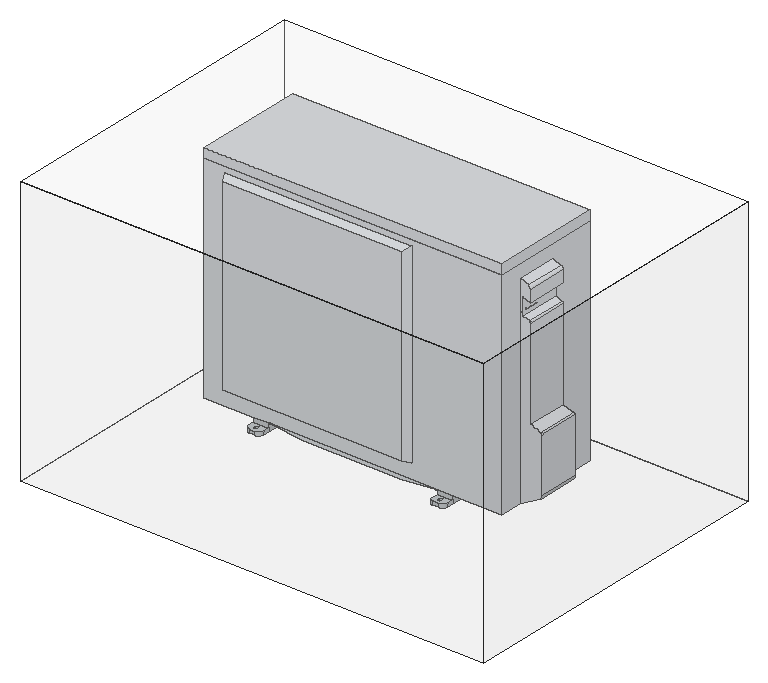
Revit family "puz-zrmp28_63ska16_60hz", category 機械設備, Revit 2023 (continued)
Definition of nested family "PUZ-EZRMP-1"
  Lines and regions (mm)
    model lines, visible <- "タイプ1", detail levels fine
      curve 338: arc (-404.5, -10, 74) -> (-404.5, -11.464, 77.536) -> (-404.5, -15, 79) r 5
      curve 339: arc (-404.5, -15, 59) -> (-404.5, -11.464, 60.464) -> (-404.5, -10, 64) r 5
      curve 340: arc (-404.5, -95, 79) -> (-404.5, -98.536, 77.536) -> (-404.5, -100, 74) r 5
      curve 341: arc (-404.5, -100, 64) -> (-404.5, -98.536, 60.464) -> (-404.5, -95, 59) r 5
    model lines, visible <- "タイプ3", not visible
      curve 342: line (-404.5, -100, 907) -> (-404.5, -60, 907)
      curve 343: line (-404.5, -100, 1097) -> (-404.5, -100, 907)
      curve 344: line (-404.5, -60, 1097) -> (-404.5, -100, 1097)
      curve 345: line (-404.5, -60, 907) -> (-404.5, -60, 1097)
      curve 346: line (-404.5, 60, 907) -> (-404.5, 100, 907)
      curve 347: line (-404.5, 60, 1097) -> (-404.5, 60, 907)
      curve 348: line (-404.5, 100, 1097) -> (-404.5, 60, 1097)
      curve 349: line (-404.5, 100, 907) -> (-404.5, 100, 1097)
      curve 350: line (-404.5, -46.667, 907) -> (-404.5, -6.667, 907)
      curve 351: line (-404.5, -46.667, 1097) -> (-404.5, -46.667, 907)
      curve 352: line (-404.5, -6.667, 1097) -> (-404.5, -46.667, 1097)
      curve 353: line (-404.5, -6.667, 907) -> (-404.5, -6.667, 1097)
      curve 354: line (-404.5, 6.667, 907) -> (-404.5, 46.667, 907)
      curve 355: line (-404.5, 6.667, 1097) -> (-404.5, 6.667, 907)
      curve 356: line (-404.5, 46.667, 1097) -> (-404.5, 6.667, 1097)
      curve 357: line (-404.5, 46.667, 907) -> (-404.5, 46.667, 1097)
      curve 358: line (-404.5, -100, 1112) -> (-404.5, -60, 1112)
      curve 359: line (-404.5, -100, 1302) -> (-404.5, -100, 1112)
      curve 360: line (-404.5, -60, 1302) -> (-404.5, -100, 1302)
      curve 361: line (-404.5, -60, 1112) -> (-404.5, -60, 1302)
      curve 362: line (-404.5, 60, 1112) -> (-404.5, 100, 1112)
      curve 363: line (-404.5, 60, 1302) -> (-404.5, 60, 1112)
      curve 364: line (-404.5, 100, 1302) -> (-404.5, 60, 1302)
      curve 365: line (-404.5, 100, 1112) -> (-404.5, 100, 1302)
      curve 366: line (-404.5, -46.667, 1112) -> (-404.5, -6.667, 1112)
      curve 367: line (-404.5, -46.667, 1302) -> (-404.5, -46.667, 1112)
      curve 368: line (-404.5, -6.667, 1302) -> (-404.5, -46.667, 1302)
      curve 369: line (-404.5, -6.667, 1112) -> (-404.5, -6.667, 1302)
      curve 370: line (-404.5, 6.667, 1112) -> (-404.5, 46.667, 1112)
      curve 371: line (-404.5, 6.667, 1302) -> (-404.5, 6.667, 1112)
      curve 372: line (-404.5, 46.667, 1302) -> (-404.5, 6.667, 1302)
      curve 373: line (-404.5, 46.667, 1112) -> (-404.5, 46.667, 1302)
    model lines, visible <- "タイプ2", not visible
      curve 374: line (-600, -100, 33.5) -> (-600, -60, 33.5)
      curve 375: line (-600, -100, 73.5) -> (-600, -100, 33.5)
      curve 376: line (-600, -60, 73.5) -> (-600, -100, 73.5)
      curve 377: line (-600, -60, 33.5) -> (-600, -60, 73.5)
      curve 378: line (-600, 60, 33.5) -> (-600, 100, 33.5)
      curve 379: line (-600, 60, 73.5) -> (-600, 60, 33.5)
      curve 380: line (-600, 100, 73.5) -> (-600, 60, 73.5)
      curve 381: line (-600, 100, 33.5) -> (-600, 100, 73.5)
      curve 382: line (-509, -46.667, 33.5) -> (-509, -6.667, 33.5)
      curve 383: line (-509, -46.667, 73.5) -> (-509, -46.667, 33.5)
      curve 384: line (-509, -6.667, 73.5) -> (-509, -46.667, 73.5)
      curve 385: line (-509, -6.667, 33.5) -> (-509, -6.667, 73.5)
      curve 386: line (-509, 6.667, 33.5) -> (-509, 46.667, 33.5)
      curve 387: line (-509, 6.667, 73.5) -> (-509, 6.667, 33.5)
      curve 388: line (-509, 46.667, 73.5) -> (-509, 6.667, 73.5)
      curve 389: line (-509, 46.667, 33.5) -> (-509, 46.667, 73.5)
      curve 483: line (-404.5, -100, 33.5) -> (-404.5, -60, 33.5)
      curve 484: line (-404.5, -100, 73.5) -> (-404.5, -100, 33.5)
      curve 485: line (-404.5, -60, 73.5) -> (-404.5, -100, 73.5)
      curve 486: line (-404.5, -60, 33.5) -> (-404.5, -60, 73.5)
      curve 487: line (-404.5, 60, 33.5) -> (-404.5, 100, 33.5)
      curve 488: line (-404.5, 60, 73.5) -> (-404.5, 60, 33.5)
      curve 489: line (-404.5, 100, 73.5) -> (-404.5, 60, 73.5)
      curve 490: line (-404.5, 100, 33.5) -> (-404.5, 100, 73.5)
      curve 491: line (-404.5, -46.667, 33.5) -> (-404.5, -6.667, 33.5)
      curve 492: line (-404.5, -46.667, 73.5) -> (-404.5, -46.667, 33.5)
      curve 493: line (-404.5, -6.667, 73.5) -> (-404.5, -46.667, 73.5)
      curve 494: line (-404.5, -6.667, 33.5) -> (-404.5, -6.667, 73.5)
      curve 495: line (-404.5, 6.667, 33.5) -> (-404.5, 46.667, 33.5)
      curve 496: line (-404.5, 6.667, 73.5) -> (-404.5, 6.667, 33.5)
      curve 497: line (-404.5, 46.667, 73.5) -> (-404.5, 6.667, 73.5)
      curve 498: line (-404.5, 46.667, 33.5) -> (-404.5, 46.667, 73.5)
    model lines, not visible
      curve 390: line (-404.5, -100, 87) -> (-404.5, -60, 87)
      curve 391: line (-404.5, -100, 277) -> (-404.5, -100, 87)
      curve 392: line (-404.5, -60, 277) -> (-404.5, -100, 277)
      curve 393: line (-404.5, -60, 87) -> (-404.5, -60, 277)
      curve 394: line (-404.5, -100, 292) -> (-404.5, -60, 292)
      curve 395: line (-404.5, -100, 482) -> (-404.5, -100, 292)
      curve 396: line (-404.5, -60, 482) -> (-404.5, -100, 482)
      curve 397: line (-404.5, -60, 292) -> (-404.5, -60, 482)
      curve 398: line (-404.5, -100, 497) -> (-404.5, -60, 497)
      curve 399: line (-404.5, -100, 687) -> (-404.5, -100, 497)
      curve 400: line (-404.5, -60, 687) -> (-404.5, -100, 687)
      curve 401: line (-404.5, -60, 497) -> (-404.5, -60, 687)
      curve 402: line (-404.5, -100, 702) -> (-404.5, -60, 702)
      curve 403: line (-404.5, -100, 892) -> (-404.5, -100, 702)
      curve 404: line (-404.5, -60, 892) -> (-404.5, -100, 892)
      curve 405: line (-404.5, -60, 702) -> (-404.5, -60, 892)
      curve 406: line (-404.5, 60, 87) -> (-404.5, 100, 87)
      curve 407: line (-404.5, 60, 277) -> (-404.5, 60, 87)
      curve 408: line (-404.5, 100, 277) -> (-404.5, 60, 277)
      curve 409: line (-404.5, 100, 87) -> (-404.5, 100, 277)
      curve 410: line (-404.5, -46.667, 87) -> (-404.5, -6.667, 87)
      curve 411: line (-404.5, -46.667, 277) -> (-404.5, -46.667, 87)
      curve 412: line (-404.5, -6.667, 277) -> (-404.5, -46.667, 277)
      curve 413: line (-404.5, -6.667, 87) -> (-404.5, -6.667, 277)
      curve 414: line (-404.5, 6.667, 87) -> (-404.5, 46.667, 87)
      curve 415: line (-404.5, 6.667, 277) -> (-404.5, 6.667, 87)
      curve 416: line (-404.5, 46.667, 277) -> (-404.5, 6.667, 277)
      curve 417: line (-404.5, 46.667, 87) -> (-404.5, 46.667, 277)
      curve 418: line (-404.5, 60, 292) -> (-404.5, 100, 292)
      curve 419: line (-404.5, 60, 482) -> (-404.5, 60, 292)
      curve 420: line (-404.5, 100, 482) -> (-404.5, 60, 482)
      curve 421: line (-404.5, 100, 292) -> (-404.5, 100, 482)
      curve 422: line (-404.5, 60, 702) -> (-404.5, 100, 702)
      curve 423: line (-404.5, 60, 892) -> (-404.5, 60, 702)
      curve 424: line (-404.5, 100, 892) -> (-404.5, 60, 892)
      curve 425: line (-404.5, 100, 702) -> (-404.5, 100, 892)
      curve 426: line (-404.5, -46.667, 292) -> (-404.5, -6.667, 292)
      curve 427: line (-404.5, -46.667, 482) -> (-404.5, -46.667, 292)
      curve 428: line (-404.5, -6.667, 482) -> (-404.5, -46.667, 482)
      curve 429: line (-404.5, -6.667, 292) -> (-404.5, -6.667, 482)
      curve 430: line (-404.5, -46.667, 497) -> (-404.5, -6.667, 497)
      curve 431: line (-404.5, -46.667, 687) -> (-404.5, -46.667, 497)
      curve 432: line (-404.5, -6.667, 687) -> (-404.5, -46.667, 687)
      curve 433: line (-404.5, -6.667, 497) -> (-404.5, -6.667, 687)
      curve 434: line (-404.5, -46.667, 702) -> (-404.5, -6.667, 702)
      curve 435: line (-404.5, -46.667, 892) -> (-404.5, -46.667, 702)
      curve 436: line (-404.5, -6.667, 892) -> (-404.5, -46.667, 892)
      curve 437: line (-404.5, -6.667, 702) -> (-404.5, -6.667, 892)
      curve 438: line (-404.5, 6.667, 292) -> (-404.5, 46.667, 292)
      curve 439: line (-404.5, 6.667, 482) -> (-404.5, 6.667, 292)
      curve 440: line (-404.5, 46.667, 482) -> (-404.5, 6.667, 482)
      curve 441: line (-404.5, 46.667, 292) -> (-404.5, 46.667, 482)
      curve 442: line (-404.5, 6.667, 497) -> (-404.5, 46.667, 497)
      curve 443: line (-404.5, 6.667, 687) -> (-404.5, 6.667, 497)
      curve 444: line (-404.5, 46.667, 687) -> (-404.5, 6.667, 687)
      curve 445: line (-404.5, 46.667, 497) -> (-404.5, 46.667, 687)
      curve 446: line (-404.5, 6.667, 702) -> (-404.5, 46.667, 702)
      curve 447: line (-404.5, 6.667, 892) -> (-404.5, 6.667, 702)
      curve 448: line (-404.5, 46.667, 892) -> (-404.5, 6.667, 892)
      curve 449: line (-404.5, 46.667, 702) -> (-404.5, 46.667, 892)
      curve 450: line (-338.5, -173.2, 372.5) -> (149.5, -173.2, 372.5)
      curve 451: line (149.5, -173.2, 277.5) -> (-338.5, -173.2, 277.5)
      curve 452: line (-338.5, -173.2, 467.5) -> (149.5, -173.2, 467.5)
      curve 453: line (-338.5, -173.2, 562.5) -> (149.5, -173.2, 562.5)
      curve 454: line (149.5, -173.2, 182.5) -> (-338.5, -173.2, 182.5)
      curve 455: line (149.5, -173.2, 87.5) -> (-338.5, -173.2, 87.5)
      curve 456: line (-321.071, -173.2, 579) -> (-321.071, -173.2, 71)
      curve 457: line (132.071, -173.2, 71) -> (132.071, -173.2, 579)
      curve 458: line (-303.643, -173.2, 579) -> (-303.643, -173.2, 71)
      curve 459: line (-286.214, -173.2, 579) -> (-286.214, -173.2, 71)
      curve 460: line (-268.786, -173.2, 579) -> (-268.786, -173.2, 71)
      curve 461: line (-251.357, -173.2, 579) -> (-251.357, -173.2, 71)
      curve 462: line (-233.929, -173.2, 579) -> (-233.929, -173.2, 71)
      curve 463: line (-216.5, -173.2, 579) -> (-216.5, -173.2, 71)
      curve 464: line (-199.071, -173.2, 579) -> (-199.071, -173.2, 71)
      curve 465: line (-181.643, -173.2, 579) -> (-181.643, -173.2, 71)
      curve 466: line (-164.214, -173.2, 579) -> (-164.214, -173.2, 71)
      curve 467: line (-146.786, -173.2, 579) -> (-146.786, -173.2, 71)
      curve 468: line (-129.357, -173.2, 579) -> (-129.357, -173.2, 71)
      curve 469: line (-111.929, -173.2, 579) -> (-111.929, -173.2, 71)
      curve 470: line (-94.5, -173.2, 579) -> (-94.5, -173.2, 71)
      curve 471: line (-77.071, -173.2, 579) -> (-77.071, -173.2, 71)
      curve 472: line (-59.643, -173.2, 579) -> (-59.643, -173.2, 71)
      curve 473: line (-42.214, -173.2, 579) -> (-42.214, -173.2, 71)
      curve 474: line (-24.786, -173.2, 579) -> (-24.786, -173.2, 71)
      curve 475: line (-7.357, -173.2, 579) -> (-7.357, -173.2, 71)
      curve 476: line (10.071, -173.2, 579) -> (10.071, -173.2, 71)
      curve 477: line (27.5, -173.2, 579) -> (27.5, -173.2, 71)
      curve 478: line (44.929, -173.2, 579) -> (44.929, -173.2, 71)
      curve 479: line (62.357, -173.2, 579) -> (62.357, -173.2, 71)
      curve 480: line (79.786, -173.2, 579) -> (79.786, -173.2, 71)
      curve 481: line (97.214, -173.2, 579) -> (97.214, -173.2, 71)
      curve 482: line (114.643, -173.2, 579) -> (114.643, -173.2, 71)
    symbolic lines, visible <- "タイプ1"
      curve 499: line (-278.151, 150, 630) -> (-404.5, 150, 630)
      curve 500: line (-404.5, 150, 630) -> (-404.5, -5.599, 630)
      curve 501: line (-404.5, 40, 630) -> (-424.5, 30, 630)
      curve 502: line (-424.5, 30, 630) -> (-424.5, -30, 630)
      curve 503: line (-424.5, -30, 630) -> (-404.5, -40, 630)
      curve 504: line (-404.5, -5.599, 630) -> (-404.5, -150, 630)
      curve 505: line (-404.5, -150, 630) -> (-301.612, -150, 630)
      curve 506: arc (-272.806, -170, 630) -> (-268.124, -177.204, 630) -> (-260, -180, 630) r 13.2
      curve 507: line (-260, -180, 630) -> (-243.332, -180, 630)
      curve 508: arc (-243.332, -180, 630) -> (-235.208, -177.204, 630) -> (-230.526, -170, 630) r 13.2
      curve 509: line (-301.612, -150, 630) -> (280.999, -150, 630)
      curve 510: line (230, -150, 630) -> (230, -170, 630)
      curve 511: arc (230, -170, 630) -> (232.929, -177.071, 630) -> (240, -180, 630) r 10
      curve 512: line (240, -180, 630) -> (256.8, -180, 630)
      curve 513: arc (256.8, -180, 630) -> (266.134, -176.134, 630) -> (270, -166.8, 630) r 13.2
      curve 514: line (270, -166.8, 630) -> (270, -150, 630)
      curve 515: line (280.999, -150, 630) -> (404.5, -150, 630)
      curve 516: line (404.5, -150, 630) -> (404.5, -77.105, 630)
      curve 517: line (404.5, -90, 630) -> (466.5, -90, 630)
      curve 518: line (466.5, -90, 630) -> (466.5, 20, 630)
      curve 519: line (466.5, 20, 630) -> (404.5, 20, 630)
      curve 520: line (404.5, -77.105, 630) -> (404.5, 150, 630)
      curve 521: line (404.5, 150, 630) -> (308.975, 150, 630)
      curve 522: line (270, 150, 630) -> (270, 180, 630)
      curve 523: line (270, 180, 630) -> (230, 180, 630)
      curve 524: line (230, 180, 630) -> (230, 150, 630)
      curve 525: line (308.975, 150, 630) -> (-278.151, 150, 630)
      curve 526: line (-230, 150, 630) -> (-230, 180, 630)
      curve 527: line (-230, 180, 630) -> (-270, 180, 630)
      curve 528: line (-270, 180, 630) -> (-270, 150, 630)
      curve 529: line (-324.5, 100, 630) -> (324.5, 100, 630)
      curve 530: line (-324.5, 40, 630) -> (-324.5, 100, 630)
      curve 531: line (324.5, 40, 630) -> (-324.5, 40, 630)
      curve 532: line (324.5, 100, 630) -> (324.5, 40, 630)
      curve 533: line (324.5, 30, 630) -> (-324.5, 30, 630)
      curve 534: line (324.5, -30, 630) -> (324.5, 30, 630)
      curve 535: line (-324.5, -30, 630) -> (324.5, -30, 630)
      curve 536: line (-324.5, 30, 630) -> (-324.5, -30, 630)
      curve 537: line (-324.5, -40, 630) -> (324.5, -40, 630)
      curve 538: line (-324.5, -100, 630) -> (-324.5, -40, 630)
      curve 539: line (324.5, -100, 630) -> (-324.5, -100, 630)
      curve 540: line (324.5, -40, 630) -> (324.5, -100, 630)
      curve 541: line (339.5, 100, 630) -> (354.5, 100, 630)
      curve 542: line (339.5, -100, 630) -> (339.5, 100, 630)
      curve 543: line (354.5, -100, 630) -> (339.5, -100, 630)
      curve 544: line (354.5, 100, 630) -> (354.5, -100, 630)
      curve 545: line (-354.5, 100, 630) -> (-339.5, 100, 630)
      curve 546: line (-354.5, -100, 630) -> (-354.5, 100, 630)
      curve 547: line (-339.5, -100, 630) -> (-354.5, -100, 630)
      curve 548: line (-339.5, 100, 630) -> (-339.5, -100, 630)
      curve 549: line (-338.5, -170, 630) -> (149.5, -170, 630)
      curve 550: line (149.5, -170, 630) -> (159.5, -150, 630)
      curve 551: line (-348.5, -150, 630) -> (-338.5, -170, 630)
  Dimensions and locks
    equal spacing: plane 8, plane 1 "中心(正面/背面)", plane 7
    "奥行き": plane 8 to plane 7
    equal spacing: plane 5, plane 3 "中心(左/右)", plane 6
    "幅さ": plane 5 to plane 6
    "高さ": plane 4 to level
    locked: plane 6 to plane 9 at 62
    locked: plane 8 to plane 10 at 60
    locked: plane 8 to plane 11 at 170
    locked: plane 4 to plane 12 at 25
    locked: plane 13 to plane 5 at 20
    "吊りボルト-D": plane 17 to plane 16
    equal spacing: plane 17, plane 1 "中心(正面/背面)", plane 16
    equal spacing: plane 14, plane 3 "中心(左/右)", plane 15
    "吊りボルト-W": plane 14 to plane 15
    plane 21 to plane 14 to plane 20 = 20 mm locked, 20 mm locked
    plane 19 to plane 15 to plane 18 = 20 mm locked, 20 mm locked
    locked: plane 16 to plane 22 at 15
    locked: plane 23 to plane 17 at 15
    locked: plane 24 to level at 8.5
    locked: plane 25 to level at 20
    locked: plane 26 to plane 24 at 3
    locked: plane 4 to plane 29 at 5
    plane 7 to plane 1 "中心(正面/背面)" to plane 8 = 150 mm, 150 mm
    plane 31 to plane 1 "中心(正面/背面)" to plane 30 = 40 mm locked, 40 mm locked
    plane 33 to plane 1 "中心(正面/背面)" to plane 32 = 30 mm locked, 30 mm locked
    locked: plane 34 to plane 12 at 5
    locked: plane 35 to level at 55
    locked: plane 36 to level at 225
    equal spacing: plane 6, plane 39, plane 9
    locked: plane 6 to plane 38 at 10
    locked: plane 20 to plane 27 at 95
    locked: plane 28 to plane 19 at 95
    "換気-D": plane 40 to plane 8
    "換気-W": plane 41 to plane 5
    "換気-H1": plane 42 to level
    plane 43 to plane 41 to plane 44 = 254 mm locked, 254 mm locked
    plane 45 to plane 42 to plane 46 = 264 mm locked, 264 mm locked
    locked: plane 43 to plane 48 at 10
    locked: plane 47 to plane 44 at 10
    locked: plane 45 to plane 49 at 10
    locked: plane 50 to plane 46 at 10
    locked: curve 26 to plane 50 at 16.5
    locked: plane 49 to curve 24 at 16.5
    equal spacing: curve 24, curve 23, curve 21, curve 22, curve 25, curve 26
    equal spacing: plane 48, curve 28, curve 53, curve 52, curve 51, curve 50, curve 49, curve 48, curve 47, curve 46, curve 45, curve 44, curve 43, curve 42, curve 41, curve 40, curve 39, curve 38, curve 37, curve 36, curve 35, curve 34, curve 33, curve 32, curve 31, curve 30, curve 29, curve 27, plane 47
    locked: curve 4 to curve 6 at 10
    locked: curve 3 to curve 5 at 10
    locked: plane 51 to plane 7 at 50
    locked: plane 8 to plane 52 at 50
    equal spacing: group 1, group 2, group 3, group 4, group 5, group 6, group 7, group 8, group 9, group 10, group 11, group 12, group 13, group 14, group 15, group 16, group 17, group 18  (x2)
    equal spacing: group 18, group 17, group 16, group 15, group 14, group 13, group 12, group 11, group 10, group 9, group 8, group 7, group 6, group 5, group 4, group 3, group 2, group 1
    "ドレン管径-X": plane 5 to plane 53
    "ドレン管径-Y": plane 8 to plane 54
    "配線取出口-Y": plane 57 to plane 7
    "冷媒液管径-Y": plane 58 to plane 7
    "冷媒ガス管径-Y": plane 59 to plane 7
    "配線取出口-X": plane 3 "中心(左/右)" to plane 56
    "冷媒ガス管径-X": plane 3 "中心(左/右)" to plane 55
    "冷媒液管径-X": plane 3 "中心(左/右)" to plane 60
    "冷媒液管径-Z": plane 62 to level
    "冷媒ガス管径-Z": plane 61 to level
    "配線取出口-Z": plane 63 to level
    locked: plane 57 to plane 64 at 50
    locked: plane 65 to plane 61 at 37.8
    locked: plane 66 to plane 62 at 16.1
    equal spacing: plane 55, plane 67, plane 60
    equal spacing: plane 58, plane 68, plane 59
    "a": plane 69 "グループ" to plane 3 "中心(左/右)"
    plane 71 to level = 943 mm
    plane 70 to level = 1338 mm
    locked: plane 37 to level at 570
    curve 21 to plane 42 to curve 22 = 47.5 mm locked, 47.5 mm locked
    "換気-H2": plane 72 to plane 42
    plane 73 to plane 72 to plane 74 = 264 mm locked, 264 mm locked
    locked: plane 76 to plane 74 at 10
    locked: plane 73 to plane 75 at 10
    plane 48 to plane 47 = 488 mm
    plane 68 to plane 7 = 185.5 mm
    plane 61 to level = 99.5 mm
    plane 65 to plane 61 = 37.8 mm
    plane 62 to level = 164.5 mm
    plane 66 to plane 62 = 16.1 mm
    plane 68 to plane 77 to plane 78 = 23 mm locked, 17.5 mm locked
    plane 68 to plane 77 = 23 mm
    plane 77 to plane 78 = 17.5 mm
    equal spacing: plane 77, plane 79, plane 78
    "ドレン配管サイズ": diameter of Extrusion 3 sketch curve
    "配線取出口サイズ": diameter of Extrusion 9 sketch curve
    "吊りボルト-φ": diameter of Extrusion 10 sketch curve  (x4)
    "冷媒配管サイズ": diameter of Sweep 11 sketch curve
    "ガス配管サイズ": diameter of Sweep 12 sketch curve
    aligned and locked: level to plane 2
    aligned and locked: Extrusion 1 to level
    aligned and locked: plane 25 to Extrusion 1
    aligned and locked: Extrusion 2 sketch curve to plane 25
    aligned and locked: Extrusion 2 sketch curve to plane 26
    aligned and locked: Extrusion 2 to plane 7
    aligned and locked: plane 8 to Extrusion 2
    aligned and locked: Extrusion 3 to plane 26
    aligned and locked: Extrusion 3 to plane 24
    aligned and locked: Extrusion 4 sketch curve to plane 7
    aligned and locked: Extrusion 4 sketch curve to plane 8
    aligned and locked: Extrusion 4 sketch curve to plane 5
    aligned and locked: Extrusion 4 sketch curve to plane 6
    aligned and locked: Extrusion 4 to plane 25
    aligned and locked: plane 12 to Extrusion 4
    aligned and locked: Extrusion 5 sketch curve to Extrusion 4  (x4)
    aligned and locked: Extrusion 5 to plane 12
    aligned and locked: plane 4 to Extrusion 5
    aligned and locked: plane 29 to Blend 6 sketch curve
    aligned and locked: Blend 6 sketch curve to plane 31
    aligned and locked: Blend 6 sketch curve to plane 12  (x2)
    aligned and locked: plane 30 to Blend 6 sketch curve
    aligned and locked: plane 34 to Blend 6 sketch curve
    aligned and locked: Blend 6 sketch curve to plane 33
    aligned and locked: plane 32 to Blend 6 sketch curve
    aligned and locked: Blend 6 to plane 13
    aligned and locked: plane 5 to Blend 6
    aligned and locked: Extrusion 7 sketch curve to plane 6
    aligned and locked: Extrusion 7 sketch curve to plane 9
    aligned and locked: Extrusion 7 sketch curve to plane 39
    aligned and locked: Extrusion 7 sketch curve to Extrusion 7 sketch curve
    aligned and locked: Extrusion 7 sketch curve to plane 38
    aligned and locked: Extrusion 7 to plane 11
    aligned and locked: plane 10 to Extrusion 7
    aligned and locked: Blend 8 sketch curve to plane 45
    aligned and locked: Blend 8 sketch curve to plane 46
    aligned and locked: Blend 8 sketch curve to plane 44
    aligned and locked: Blend 8 sketch curve to plane 43
    aligned and locked: Blend 8 sketch curve to plane 49
    aligned and locked: Blend 8 sketch curve to plane 47
    aligned and locked: Blend 8 sketch curve to plane 48
    aligned and locked: Blend 8 sketch curve to plane 50
    aligned and locked: Blend 8 to plane 8
    aligned and locked: plane 40 to Blend 8
    aligned and locked: curve 17 to plane 51
    aligned and locked: curve 1 to plane 51
    aligned and locked: plane 51 to curve 19
    aligned and locked: curve 18 to plane 52
    aligned and locked: plane 52 to curve 2
    aligned and locked: plane 52 to curve 20
    aligned and locked: plane 53 to Extrusion 3 sketch curve
    aligned and locked: plane 54 to Extrusion 3 sketch curve
    aligned and locked: plane 63 to Extrusion 9 sketch curve
    aligned and locked: plane 56 to Extrusion 9 sketch curve
    aligned and locked: plane 57 to Extrusion 9
    aligned and locked: Extrusion 9 to plane 64
    aligned and locked: plane 22 to Extrusion 10 sketch curve  (x4)
    aligned and locked: plane 21 to Extrusion 10 sketch curve
    aligned and locked: Extrusion 2 to Extrusion 10 sketch curve  (x2)
    aligned and locked: Extrusion 10 sketch curve to Extrusion 1  (x6)
    aligned and locked: plane 19 to Extrusion 10 sketch curve
    aligned and locked: Extrusion 10 sketch curve to plane 23  (x2)
    aligned and locked: Extrusion 10 sketch curve to plane 18
    aligned and locked: Extrusion 10 sketch curve to plane 20
    aligned and locked: plane 16 to Extrusion 10 sketch curve  (x2)
    aligned and locked: plane 14 to Extrusion 10 sketch curve  (x2)
    aligned and locked: plane 17 to Extrusion 10 sketch curve  (x2)
    aligned and locked: plane 15 to Extrusion 10 sketch curve  (x2)
    aligned and locked: level to Extrusion 10
    aligned and locked: plane 24 to Extrusion 10
    aligned and locked: Masking region 1 sketch curve to Extrusion 5  (x4)
    aligned and locked: Masking region 1 sketch curve to Blend 6  (x3)
    aligned and locked: Masking region 1 sketch curve to Extrusion 7  (x2)
    aligned and locked: Masking region 1 sketch curve to plane 9
    aligned and locked: Masking region 1 sketch curve to Extrusion 10  (x8)
    aligned and locked: Masking region 1 to curve 499
    aligned and locked: curve 500 to Masking region 1
    aligned and locked: curve 501 to Masking region 1
    aligned and locked: curve 502 to Masking region 1
    aligned and locked: curve 503 to Masking region 1
    aligned and locked: curve 504 to Masking region 1
    aligned and locked: curve 505 to Masking region 1
    aligned and locked: curve 506 to Masking region 1
    aligned and locked: curve 508 to Masking region 1
    aligned and locked: curve 510 to Masking region 1
    aligned and locked: curve 511 to Masking region 1
    aligned and locked: curve 513 to Masking region 1
    aligned and locked: Masking region 1 to curve 515
    aligned and locked: curve 516 to Masking region 1
    aligned and locked: curve 517 to Masking region 1
    aligned and locked: curve 518 to Masking region 1
    aligned and locked: curve 519 to Masking region 1
    aligned and locked: curve 520 to Masking region 1
    aligned and locked: curve 521 to Masking region 1
    aligned and locked: curve 522 to Masking region 1
    aligned and locked: curve 523 to Masking region 1
    aligned and locked: curve 524 to Masking region 1
    aligned and locked: curve 525 to Masking region 1
    aligned and locked: curve 526 to Masking region 1
    aligned and locked: curve 527 to Masking region 1
    aligned and locked: curve 528 to Masking region 1
    aligned and locked: curve 532 to curve 12
    aligned and locked: Masking region 1 sketch curve to curve 21
    aligned and locked: Masking region 1 sketch curve to Blend 8  (x2)
    aligned and locked: curve 549 to Blend 8
    aligned and locked: curve 550 to Blend 8
    aligned and locked: curve 551 to Blend 8
    aligned and locked: plane 78 to Sweep 12 sketch curve
    aligned and locked: plane 58 to Sweep 12 sketch curve
    aligned and locked: plane 77 to Sweep 11 sketch curve
    aligned and locked: plane 58 to Sweep 11 sketch curve
    aligned and locked: plane 61 to Sweep 12 sketch curve
  Automatic sketch dimensions
    Extrusion 2 sketch curve to plane 20 = 0 mm
    Extrusion 2 sketch curve to plane 27 = 0 mm
    Extrusion 2 sketch curve to plane 28 = 0 mm
    Extrusion 2 sketch curve to plane 19 = 0 mm
    Extrusion 7 sketch curve to plane 39 = 0 mm
    Extrusion 7 sketch curve to plane 25 = 0 mm
    Extrusion 7 sketch curve to plane 36 = 0 mm
    Extrusion 7 sketch curve to plane 37 = 0 mm
    Extrusion 7 sketch curve to Extrusion 7 sketch curve = 10 mm
    Extrusion 7 sketch curve to plane 39 = 6.58 mm
    Extrusion 7 sketch curve to Extrusion 7 sketch curve = 5 mm  (x2)
    plane 39 to Extrusion 7 sketch curve = 21 mm
    Extrusion 7 sketch curve to plane 39 = 3.29 mm
    Extrusion 7 sketch curve to plane 9 = 3.29 mm
    Extrusion 7 sketch curve to plane 35 = 2.87 mm
    Extrusion 7 sketch curve to Extrusion 7 sketch curve = 81.633 mm
    Extrusion 7 sketch curve to Extrusion 7 sketch curve = 30.244 mm
    Extrusion 7 sketch curve to Extrusion 7 sketch curve = 7.643 mm
    plane 7 to Extrusion 1 sketch curve = 0 mm  (x2)
    Extrusion 1 sketch curve to plane 18 = 0 mm
    plane 8 to Extrusion 1 sketch curve = 0 mm  (x2)
    Extrusion 1 sketch curve to plane 19 = 0 mm
    Extrusion 1 sketch curve to plane 20 = 0 mm
    Extrusion 1 sketch curve to plane 21 = 0 mm
    curve 383 to curve 384 = 40 mm
    curve 382 to curve 386 = 13.333 mm
    curve 386 to curve 386 = 40 mm
    curve 382 to curve 389 = 0 mm
    curve 382 to curve 384 = 40 mm
    curve 384 to curve 387 = 0 mm
    curve 375 to curve 376 = 40 mm
    curve 374 to curve 378 = 120 mm
    curve 378 to curve 378 = 40 mm
    curve 374 to curve 381 = 0 mm
    curve 374 to curve 376 = 40 mm
    curve 378 to curve 379 = 40 mm
    curve 25 to plane 47 = 0 mm
    curve 24 to plane 47 = 0 mm
    curve 22 to plane 47 = 0 mm
    curve 23 to plane 47 = 0 mm
    curve 26 to plane 47 = 0 mm
    curve 21 to plane 47 = 0 mm
    curve 24 to plane 48 = 0 mm
    curve 25 to plane 48 = 0 mm
    curve 26 to plane 48 = 0 mm
    curve 23 to plane 48 = 0 mm
    curve 22 to plane 48 = 0 mm
    curve 21 to plane 48 = 0 mm
    curve 37 to plane 50 = 0 mm
    curve 52 to plane 50 = 0 mm
    curve 51 to plane 50 = 0 mm
    curve 50 to plane 50 = 0 mm
    curve 49 to plane 50 = 0 mm
    curve 48 to plane 50 = 0 mm
    curve 47 to plane 50 = 0 mm
    curve 46 to plane 50 = 0 mm
    curve 45 to plane 50 = 0 mm
    curve 44 to plane 50 = 0 mm
    curve 43 to plane 50 = 0 mm
    curve 42 to plane 50 = 0 mm
    curve 41 to plane 50 = 0 mm
    curve 27 to plane 50 = 0 mm
    curve 28 to plane 50 = 0 mm
    curve 40 to plane 50 = 0 mm
    curve 39 to plane 50 = 0 mm
    curve 29 to plane 50 = 0 mm
    curve 38 to plane 50 = 0 mm
    curve 30 to plane 50 = 0 mm
    curve 53 to plane 50 = 0 mm
    curve 31 to plane 50 = 0 mm
    curve 36 to plane 50 = 0 mm
    curve 32 to plane 50 = 0 mm
    curve 35 to plane 50 = 0 mm
    curve 33 to plane 50 = 0 mm
    curve 34 to plane 50 = 0 mm
    curve 28 to plane 49 = 0 mm
    curve 41 to plane 49 = 0 mm
    curve 27 to plane 49 = 0 mm
    curve 42 to plane 49 = 0 mm
    curve 31 to plane 49 = 0 mm
    curve 40 to plane 49 = 0 mm
    curve 37 to plane 49 = 0 mm
    curve 39 to plane 49 = 0 mm
    curve 32 to plane 49 = 0 mm
    curve 45 to plane 49 = 0 mm
    curve 36 to plane 49 = 0 mm
    curve 46 to plane 49 = 0 mm
    curve 43 to plane 49 = 0 mm
    curve 47 to plane 49 = 0 mm
    curve 29 to plane 49 = 0 mm
    curve 48 to plane 49 = 0 mm
    curve 30 to plane 49 = 0 mm
    curve 49 to plane 49 = 0 mm
    curve 44 to plane 49 = 0 mm
    curve 50 to plane 49 = 0 mm
    curve 33 to plane 49 = 0 mm
    curve 51 to plane 49 = 0 mm
    curve 35 to plane 49 = 0 mm
    curve 52 to plane 49 = 0 mm
    curve 38 to plane 49 = 0 mm
    curve 53 to plane 49 = 0 mm
    curve 34 to plane 49 = 0 mm
    Masking region 1 sketch curve to plane 5 = 0 mm
    Masking region 1 sketch curve to plane 6 = 0 mm
    plane 7 to Masking region 1 sketch curve = 0 mm  (x2)
    Masking region 1 sketch curve to plane 15 = 10 mm
    Masking region 1 sketch curve to plane 19 = 0 mm
    plane 8 to Masking region 1 sketch curve = 0 mm  (x2)
    plane 32 to curve 535 = 0 mm
    plane 33 to curve 534 = 0 mm
    curve 541 to plane 56 = 45.5 mm
    curve 13 to curve 20 = 15 mm
    plane 18 to curve 535 = 54.5 mm
    curve 532 to curve 6 = 0 mm
    curve 537 to curve 5 = 0 mm
    plane 47 to curve 536 = 14 mm
    plane 47 to curve 538 = 14 mm
    plane 47 to curve 1 = 14 mm
    curve 16 to plane 47 = 1 mm
    curve 15 to plane 44 = 6 mm
    plane 1 "中心(正面/背面)" to curve 504 = 5.599 mm
    curve 528 to curve 499 = 8.151 mm
    curve 521 to curve 522 = 38.975 mm
    curve 516 to plane 10 = 12.895 mm
    curve 515 to curve 514 = 10.999 mm
    plane 40 to Masking region 1 sketch curve = 0 mm
    Masking region 1 sketch curve to plane 40 = 3.2 mm  (x2)
    Masking region 1 sketch curve to plane 14 = 10 mm
    Masking region 1 sketch curve to plane 20 = 0.526 mm
    curve 509 to plane 21 = 31.612 mm
    Sweep 12 sketch curve to plane 65 = 0 mm
    Sweep 11 sketch curve to plane 62 = 0 mm
    Sweep 11 sketch curve to plane 66 = 0 mm
    plane 40 to Extrusion 10 sketch curve = 0 mm
    plane 17 to Extrusion 10 sketch curve = 0 mm  (x2)
    Extrusion 10 sketch curve to Extrusion 10 sketch curve = 1.8 mm  (x3)
    plane 17 to Extrusion 10 sketch curve = 1.8 mm  (x2)
    Extrusion 10 sketch curve to Extrusion 10 sketch curve = 0 mm
    Sweep 11 sketch curve to plane 67 = 0 mm
    Sweep 11 sketch curve to profile plane = 0 mm
    Sweep 12 sketch curve to plane 67 = 0 mm
    Sweep 12 sketch curve to profile plane = 0 mm
Definition of nested family "固定点"
  Parameters (values of type "固定点")
    Default Elevation = 0 mm
    中心円 = if(W > 599 mm, 12 mm, 10 mm)  # 12 mm
    W = 1000 mm
    D = 1000 mm
  Reference planes
    plane 1 "中心(正面/背面)": y = 0
    plane 2: z = 0
    plane 3 "中心(左/右)": x = 0
    plane 4: x = 1000
    plane 5: y = 1000
  Lines and regions (mm)
    symbolic lines, detail levels fine
      curve 1: circle (0, 1000, 0) r 6 normal (0, 0, 1)
      curve 2: circle (0, 0, 0) r 6 normal (0, 0, 1)
      curve 3: circle (1000, 1000, 0) r 6 normal (0, 0, 1)
      curve 4: circle (1000, 0, 0) r 6 normal (0, 0, 1)
      curve 5: line (-200, 1000, 0) -> (1200, 1000, 0)
      curve 6: line (-200, 0, 0) -> (1200, 0, 0)
      curve 7: line (0, 1200, 0) -> (0, -200, 0)
      curve 8: line (1000, 1200, 0) -> (1000, -200, 0)
  Dimensions and locks
    "W": plane 3 "中心(左/右)" to plane 4
    "D": plane 1 "中心(正面/背面)" to plane 5
    "中心円": diameter of curve 1
    "中心円": diameter of curve 2
    "中心円": diameter of curve 3
    "中心円": diameter of curve 4
    aligned and locked: level to plane 2
    aligned and locked: plane 5 to curve 1
    aligned and locked: plane 3 "中心(左/右)" to curve 1
    aligned and locked: plane 3 "中心(左/右)" to curve 2
    aligned and locked: plane 1 "中心(正面/背面)" to curve 2
    aligned and locked: plane 4 to curve 3
    aligned and locked: plane 5 to curve 3
    aligned and locked: plane 1 "中心(正面/背面)" to curve 4
    aligned and locked: plane 4 to curve 4
    aligned and locked: plane 1 "中心(正面/背面)" to curve 6
    aligned and locked: curve 7 to plane 3 "中心(左/右)"
    aligned and locked: curve 8 to plane 4
  Automatic sketch dimensions
    curve 5 to plane 5 = 0 mm
    curve 6 to plane 3 "中心(左/右)" = 200 mm
    curve 5 to plane 3 "中心(左/右)" = 200 mm
    curve 4 to curve 6 = 200 mm
    curve 3 to curve 5 = 200 mm
    plane 1 "中心(正面/背面)" to curve 8 = 200 mm
    plane 1 "中心(正面/背面)" to curve 7 = 200 mm
    curve 3 to curve 8 = 200 mm
    curve 1 to curve 7 = 200 mm
Types (36, lengths in mm): name | 風量_冷房 (㎥/min) | 風量 | 音響パワーレベル_冷房 (dB) | 音響パワーレベル_暖房 (dB) | 音響パワーレベル(dB) | 電動機出力_圧縮機 | 質量 | 製品質量 | 相 | 本体マテリアル | 最小電線太さ_mm2 | 暖房能力 | 推奨ブレーカー容量 | 冷房能力 | モデル | URL
  PUZ-ZRMP28KA16 | 38 | 2280.0 m³/h | 64 | 66 | 66 | 0.5 kW | 43.20 kg | 36.00 kg | 3 | none | 2 | 2.8 kW | 15 A | 2.5 kW | "PUZ-ZRMP28KA16" | "https://www.mitsubishielectric.co.jp/ldg/wink/qr/002/364639"
  PUZ-ZRMP40SKA16 | 45 | 2700.0 m³/h | 64 | 66 | 66 | 0.6 kW | 51.60 kg | 43.00 kg | 1 | none | 3.5 | 4 kW | 20 A | 3.6 kW | "PUZ-ZRMP40SKA16" | "https://www.mitsubishielectric.co.jp/ldg/wink/qr/002/364646"
  PUZ-ZRMP40KA16 | 45 | 2700.0 m³/h | 64 | 66 | 66 | 0.6 kW | 49.20 kg | 41.00 kg | 3 | none | 2 | 4 kW | 15 A | 3.6 kW | "PUZ-ZRMP40KA16" | "https://www.mitsubishielectric.co.jp/ldg/wink/qr/002/364645"
  PUZ-ZRMP45SKA16 | 45 | 2700.0 m³/h | 64 | 66 | 66 | 0.7 kW | 51.60 kg | 43.00 kg | 1 | none | 3.5 | 4.5 kW | 20 A | 4 kW | "PUZ-ZRMP45SKA16" | "https://www.mitsubishielectric.co.jp/ldg/wink/qr/002/364652"
  PUZ-ZRMP45KA16 | 45 | 2700.0 m³/h | 64 | 66 | 66 | 0.7 kW | 49.20 kg | 41.00 kg | 3 | none | 2 | 4.5 kW | 15 A | 4 kW | "PUZ-ZRMP45KA16" | "https://www.mitsubishielectric.co.jp/ldg/wink/qr/002/364651"
  PUZ-ZRMP50SKA16 | 45 | 2700.0 m³/h | 65 | 67 | 67 | 0.8 kW | 51.60 kg | 43.00 kg | 1 | none | 3.5 | 5 kW | 20 A | 4.5 kW | "PUZ-ZRMP50SKA16" | "https://www.mitsubishielectric.co.jp/ldg/wink/qr/002/364658"
  PUZ-ZRMP50KA16 | 45 | 2700.0 m³/h | 65 | 67 | 67 | 0.8 kW | 49.20 kg | 41.00 kg | 3 | none | 2 | 5 kW | 15 A | 4.5 kW | "PUZ-ZRMP50KA16" | "https://www.mitsubishielectric.co.jp/ldg/wink/qr/002/364657"
  PUZ-ZRMP56SKA16 | 45 | 2700.0 m³/h | 65 | 67 | 67 | 0.9 kW | 51.60 kg | 43.00 kg | 1 | none | 3.5 | 5.6 kW | 20 A | 5 kW | "PUZ-ZRMP56SKA16" | "https://www.mitsubishielectric.co.jp/ldg/wink/qr/002/364662"
  PUZ-ZRMP56KA16-BS | 45 | 2700.0 m³/h | 65 | 67 | 67 | 0.9 kW | 49.20 kg | 41.00 kg | 3 | none | 2 | 5.6 kW | 15 A | 5 kW | "PUZ-ZRMP56KA16-BS" | "https://www.mitsubishielectric.co.jp/ldg/wink/qr/002/364663"
  PUZ-ZRMP63SKA16 | 45 | 2700.0 m³/h | 65 | 67 | 67 | 1.2 kW | 51.60 kg | 43.00 kg | 1 | none | 3.5 | 6.3 kW | 30 A | 5.6 kW | "PUZ-ZRMP63SKA16" | "https://www.mitsubishielectric.co.jp/ldg/wink/qr/002/364668"
  PUZ-ZRMP63KA16 | 45 | 2700.0 m³/h | 65 | 67 | 67 | 1.2 kW | 50.40 kg | 42.00 kg | 3 | none | 2 | 6.3 kW | 15 A | 5.6 kW | "PUZ-ZRMP63KA16" | "https://www.mitsubishielectric.co.jp/ldg/wink/qr/002/364667"
  PUZ-ZRMP28KA16-BS | 38 | 2280.0 m³/h | 64 | 66 | 66 | 0.5 kW | 43.20 kg | 36.00 kg | 3 | none | 2 | 2.8 kW | 15 A | 2.5 kW | "PUZ-ZRMP28KA16-BS" | "https://www.mitsubishielectric.co.jp/ldg/wink/qr/002/364641"
  PUZ-ZRMP28KA16-BSG | 38 | 2280.0 m³/h | 64 | 66 | 66 | 0.5 kW | 43.20 kg | 36.00 kg | 3 | none | 2 | 2.8 kW | 15 A | 2.5 kW | "PUZ-ZRMP28KA16-BSG" | "https://www.mitsubishielectric.co.jp/ldg/wink/qr/002/364642"
  PUZ-ZRMP28SKA16-BS | 38 | 2280.0 m³/h | 64 | 66 | 66 | 0.5 kW | 44.40 kg | 37.00 kg | 1 | none | 3.5 | 2.8 kW | 20 A | 2.5 kW | "PUZ-ZRMP28SKA16-BS" | "https://www.mitsubishielectric.co.jp/ldg/wink/qr/002/364643"
  PUZ-ZRMP28SKA16-BSG | 38 | 2280.0 m³/h | 64 | 66 | 66 | 0.5 kW | 44.40 kg | 37.00 kg | 1 | none | 3.5 | 2.8 kW | 20 A | 2.5 kW | "PUZ-ZRMP28SKA16-BSG" | "https://www.mitsubishielectric.co.jp/ldg/wink/qr/002/364644"
  PUZ-ZRMP40KA16-BS | 45 | 2700.0 m³/h | 64 | 66 | 66 | 0.6 kW | 49.20 kg | 41.00 kg | 3 | none | 2 | 4 kW | 15 A | 3.6 kW | "PUZ-ZRMP40KA16-BS" | "https://www.mitsubishielectric.co.jp/ldg/wink/qr/002/364647"
  PUZ-ZRMP40KA16-BSG | 45 | 2700.0 m³/h | 64 | 66 | 66 | 0.6 kW | 49.20 kg | 41.00 kg | 3 | none | 2 | 4 kW | 15 A | 3.6 kW | "PUZ-ZRMP40KA16-BSG" | "https://www.mitsubishielectric.co.jp/ldg/wink/qr/002/364648"
  PUZ-ZRMP40SKA16-BS | 45 | 2700.0 m³/h | 64 | 66 | 66 | 0.6 kW | 51.60 kg | 43.00 kg | 1 | none | 3.5 | 4 kW | 20 A | 3.6 kW | "PUZ-ZRMP40SKA16-BS" | "https://www.mitsubishielectric.co.jp/ldg/wink/qr/002/364649"
  PUZ-ZRMP40SKA16-BSG | 45 | 2700.0 m³/h | 64 | 66 | 66 | 0.6 kW | 51.60 kg | 43.00 kg | 1 | Galvanized steel plate | 3.5 | 4 kW | 20 A | 3.6 kW | "PUZ-ZRMP40SKA16-BSG" | "https://www.mitsubishielectric.co.jp/ldg/wink/qr/002/364650"
  PUZ-ZRMP45KA16-BS | 45 | 2700.0 m³/h | 64 | 66 | 66 | 0.7 kW | 49.20 kg | 41.00 kg | 3 | none | 2 | 4.5 kW | 15 A | 4 kW | "PUZ-ZRMP45KA16-BS" | "https://www.mitsubishielectric.co.jp/ldg/wink/qr/002/364653"
  PUZ-ZRMP45KA16-BSG | 45 | 2700.0 m³/h | 64 | 66 | 66 | 0.7 kW | 49.20 kg | 41.00 kg | 3 | none | 2 | 4.5 kW | 15 A | 4 kW | "PUZ-ZRMP45KA16-BSG" | "https://www.mitsubishielectric.co.jp/ldg/wink/qr/002/364654"
  PUZ-ZRMP45SKA16-BS | 45 | 2700.0 m³/h | 64 | 66 | 66 | 0.7 kW | 51.60 kg | 43.00 kg | 1 | none | 3.5 | 4.5 kW | 20 A | 4 kW | "PUZ-ZRMP45SKA16-BS" | "https://www.mitsubishielectric.co.jp/ldg/wink/qr/002/364655"
  PUZ-ZRMP45SKA16-BSG | 45 | 2700.0 m³/h | 64 | 66 | 66 | 0.7 kW | 51.60 kg | 43.00 kg | 1 | none | 3.5 | 4.5 kW | 20 A | 4 kW | "PUZ-ZRMP45SKA16-BSG" | "https://www.mitsubishielectric.co.jp/ldg/wink/qr/002/364656"
  PUZ-ZRMP50KA16-BS | 45 | 2700.0 m³/h | 65 | 67 | 67 | 0.8 kW | 49.20 kg | 41.00 kg | 3 | none | 2 | 5 kW | 15 A | 4.5 kW | "PUZ-ZRMP50KA16-BS" | "https://www.mitsubishielectric.co.jp/ldg/wink/qr/002/364705"
  PUZ-ZRMP50KA16-BSG | 45 | 2700.0 m³/h | 65 | 67 | 67 | 0.8 kW | 49.20 kg | 41.00 kg | 3 | none | 2 | 5 kW | 15 A | 4.5 kW | "PUZ-ZRMP50KA16-BSG" | "https://www.mitsubishielectric.co.jp/ldg/wink/qr/002/364659"
  PUZ-ZRMP50SKA16-BS | 45 | 2700.0 m³/h | 65 | 67 | 67 | 0.8 kW | 51.60 kg | 43.00 kg | 1 | none | 3.5 | 5 kW | 20 A | 4.5 kW | "PUZ-ZRMP50SKA16-BS" | "https://www.mitsubishielectric.co.jp/ldg/wink/qr/002/364660"
  PUZ-ZRMP50SKA16-BSG | 45 | 2700.0 m³/h | 65 | 67 | 67 | 0.8 kW | 51.60 kg | 43.00 kg | 1 | none | 3.5 | 5 kW | 20 A | 4.5 kW | "PUZ-ZRMP50SKA16-BSG" | "https://www.mitsubishielectric.co.jp/ldg/wink/qr/002/364661"
  PUZ-ZRMP56KA16-BSG | 45 | 2700.0 m³/h | 65 | 67 | 67 | 0.9 kW | 49.20 kg | 41.00 kg | 3 | none | 2 | 5.6 kW | 15 A | 5 kW | "PUZ-ZRMP56KA16-BSG" | "https://www.mitsubishielectric.co.jp/ldg/wink/qr/002/364664"
  PUZ-ZRMP56SKA16-BS | 45 | 2700.0 m³/h | 65 | 67 | 67 | 0.9 kW | 51.60 kg | 43.00 kg | 1 | none | 3.5 | 5.6 kW | 20 A | 5 kW | "PUZ-ZRMP56SKA16-BS" | "https://www.mitsubishielectric.co.jp/ldg/wink/qr/002/364665"
  PUZ-ZRMP56SKA16-BSG | 45 | 2700.0 m³/h | 65 | 67 | 67 | 0.9 kW | 51.60 kg | 43.00 kg | 1 | none | 3.5 | 5.6 kW | 20 A | 5 kW | "PUZ-ZRMP56SKA16-BSG" | "https://www.mitsubishielectric.co.jp/ldg/wink/qr/002/364666"
  PUZ-ZRMP56KA16 | 45 | 2700.0 m³/h | 65 | 67 | 67 | 0.9 kW | 49.20 kg | 41.00 kg | 3 | none | 2 | 5.6 kW | 15 A | 5 kW | "PUZ-ZRMP56KA16" | "https://www.mitsubishielectric.co.jp/ldg/wink/qr/002/364710"
  PUZ-ZRMP63KA16-BS | 45 | 2700.0 m³/h | 65 | 67 | 67 | 1.2 kW | 50.40 kg | 42.00 kg | 3 | none | 2 | 6.3 kW | 15 A | 5.6 kW | "PUZ-ZRMP63KA16-BS" | "https://www.mitsubishielectric.co.jp/ldg/wink/qr/002/364669"
  PUZ-ZRMP63KA16-BSG | 45 | 2700.0 m³/h | 65 | 67 | 67 | 1.2 kW | 50.40 kg | 42.00 kg | 3 | none | 2 | 6.3 kW | 15 A | 5.6 kW | "PUZ-ZRMP63KA16-BSG" | "https://www.mitsubishielectric.co.jp/ldg/wink/qr/002/364670"
  PUZ-ZRMP63SKA16-BS | 45 | 2700.0 m³/h | 65 | 67 | 67 | 1.2 kW | 51.60 kg | 43.00 kg | 1 | none | 3.5 | 6.3 kW | 30 A | 5.6 kW | "PUZ-ZRMP63SKA16-BS" | "https://www.mitsubishielectric.co.jp/ldg/wink/qr/002/364671"
  PUZ-ZRMP63SKA16-BSG | 45 | 2700.0 m³/h | 65 | 67 | 67 | 1.2 kW | 51.60 kg | 43.00 kg | 1 | none | 3.5 | 6.3 kW | 30 A | 5.6 kW | "PUZ-ZRMP63SKA16-BSG" | "https://www.mitsubishielectric.co.jp/ldg/wink/qr/002/364672"
  PUZ-ZRMP28SKA16 | 38 | 2280.0 m³/h | 64 | 66 | 66 | 0.5 kW | 44.40 kg | 37.00 kg | 1 | none | 3.5 | 2.8 kW | 20 A | 2.5 kW | "PUZ-ZRMP28SKA16" | "https://www.mitsubishielectric.co.jp/ldg/wink/qr/002/364640"
